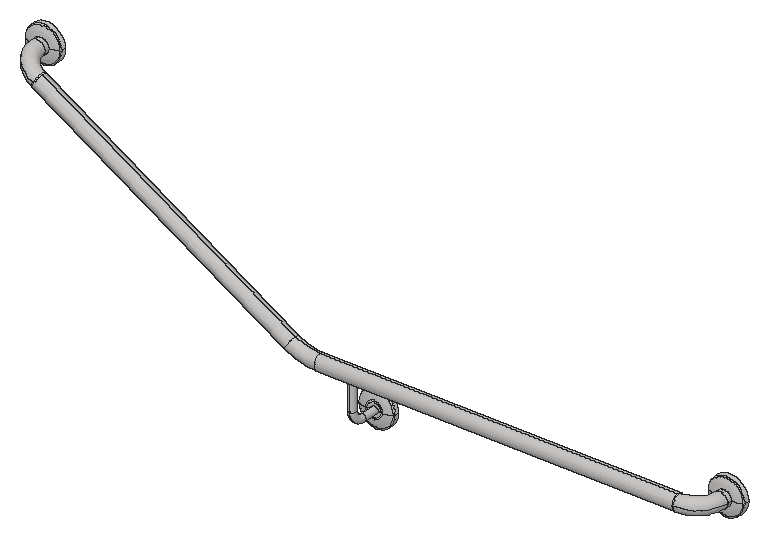
Revit family "Grab Rail_Metlam_30 Deg_Side Wall_Right", category Specialty Equipment, Revit 2016
Family settings
  Part Type = Normal
  Round Connector Dimension = Use Diameter
  OmniClass Number = 23.40.20.21.47
  OmniClass Title = Bath Grab Bars
  Work Plane-Based = No
  Always vertical = Yes
  Cut with Voids When Loaded = No
  Shared = No
  Room Calculation Point = Yes
Parameters (values of type "1478w x 90d x 382h (MLR102_X)")
  Width = 1478 mm  # constant formula
  URL = "http://www.metlam.com.au/"
  Type Comments = "Grab Rails"  # constant formula
  Model = "MLR102_X"
  Material_ANZRS = z_Metlam_Metal_Stainless Steel_Satin
  Height = 382 mm  # constant formula
  Manufacturer_URL__Product Specific = "https://metlam.com.au/product/content/grab-rails/MLR102_X"
  Manufacturer_Spec Code = Model  # "MLR102_X"
  Manufacturer_Height From FFL [instance] = 800 mm
  Manufacturer = "Metlam"  # constant formula
  Keynote = ""
  Description = "30° Flush Mount Side Wall Rail RH"  # constant formula
  Depth = 90 mm  # constant formula
  CreatedBy_ANZRS = "IGS BIM Solutions"  # constant formula
  CreatedByURL_ANZRS = "http://www.igsgroup.com.au/"
  Assembly Code = ""
Reference planes
  plane 1 "Back": y = 0
  plane 2 "Ref. Level": z = 0
  plane 3 "Right": x = 0
  plane 4 "Right Wall Mount_Centre (Elevation)": z = 784
  plane 5 "Front": y = -90
  plane 6 "Middle Wall Mount_Centre (Elevation)": z = 691
  plane 7 "Left Wall Mount_Centre (Elevation)": z = 1134
  plane 8 "Mounting Height": z = 800
  plane 9 "Middle Wall Mount_Centre (Left/Right)": x = -779
  plane 10 "Right Wall Mount_Centre (Left/Right)": x = -39
  plane 11 "Left": x = -1524
  plane 12 "Left Wall Mount_Centre (Left/Right)": x = -1484.999
  plane 13 "Top": z = 1173
  plane 14 "Angled Rail_Top": z = 1150
  plane 15 "Horizontal Rail_Bottom": z = 768
  plane 16 "Horizontal Rail_Right": x = -23
  plane 17 "Angled Rail_Left": x = -1501
  plane 18 "Bottom": z = 653
Forms (mm)
  Revolve 1, solid, material "z_Metlam_Metal_Stainless Steel_Satin" <- "Material_ANZRS"
    sketch origin (0, 0, 1134) x (-1, 0, 0) y (0, -1, 0)
      loop
        arc (1448.743, 10.627) -> (1447.851, 9.87) -> (1447.401, 8.79) r 2.5
        line (1447.401, 8.79) -> (1446, 0) -> (1485, 0) -> (1485, 16.062) -> (1469, 16.062)
        arc (1469, 16.062) -> (1458.591, 14.389) -> (1448.743, 10.627) r 51.397
      axis (1485, 16.062) -> (1485, 0)
    angle from 0 to 360
  Revolve 2, solid, material "z_Metlam_Metal_Stainless Steel_Satin" <- "Material_ANZRS"
    sketch origin (0, 0, 784) x (-1, 0, 0) y (0, -1, 0)
      loop
        arc (75.257, 10.595) -> (65.409, 14.357) -> (55, 16.031) r 51.397
        line (55, 16.031) -> (39, 16.031) -> (39, 0) -> (78, 0) -> (76.599, 8.759)
        arc (76.599, 8.759) -> (76.149, 9.838) -> (75.257, 10.595) r 2.5
      axis (39, 16.031) -> (39, 0)
    angle from 0 to 360
  Revolve 3, solid, material "z_Metlam_Metal_Stainless Steel_Satin" <- "Material_ANZRS"
    sketch origin (0, 0, 691) x (-1, 0, 0) y (0, -1, 0)
      loop
        line (741, 0) -> (779, 0) -> (779, 16.031) -> (764.135, 16.031)
        arc (764.135, 16.031) -> (762.574, 15.995) -> (761.017, 15.888) r 34
        arc (761.017, 15.888) -> (751.634, 14.116) -> (742.754, 10.607) r 50.422
        arc (742.754, 10.607) -> (741.787, 9.734) -> (741.391, 8.494) r 2.5
        line (741.391, 8.494) -> (741, 0)
      axis (779, 0) -> (779, 16.031)
    angle from 0 to 360
  Sweep 4, solid, material "z_Metlam_Metal_Stainless Steel_Satin" <- "Material_ANZRS"
    path origin (-779, 0, -711) x (0, 1, 0) y (0, 0, -1)
      loop
        line (-16.031, -1402) -> (-49, -1402)
        arc (-49, -1402) -> (-66.678, -1409.322) -> (-74, -1427) r 25
        line (-74, -1427) -> (-74, -1495)
    profile origin (-779, -32.515, 691) x (0, 0, 1) y (-1, 0, 0)
      loop
        circle (0, 0) r 7.5
  Sweep 5, solid, material "z_Metlam_Metal_Stainless Steel_Satin" <- "Material_ANZRS"
    path origin (70.164, -90, 773) x (-1, 0, 0) y (0, 0, 1)
      loop
        line (1511.863, 335.998) -> (976.796, 27.077)
        arc (976.796, 27.077) -> (947.854, 15.089) -> (916.796, 11) r 120
        line (916.796, 11) -> (159.164, 11)
    profile origin (-89, -90, 784) x (0, 0, -1) y (0, 1, 0)
      loop
        circle (0, 16) r 16
  Sweep 6, solid, material "z_Metlam_Metal_Stainless Steel_Satin" <- "Material_ANZRS"
    path origin (0, 0, 784) x (-1, 0, 0) y (0, -1, 0)
      loop
        line (89, 74) -> (87, 74)
        arc (87, 74) -> (53.059, 59.941) -> (39, 26) r 48
        line (39, 26) -> (39, 16.031)
    profile origin (-88, -74, 784) x (0, 1, 0) y (0, 0, 1)
      loop
        circle (0, 0) r 16
  Sweep 7, solid, material "z_Metlam_Metal_Stainless Steel_Satin" <- "Material_ANZRS"
    path origin (-1552.554, -90, 1173) x (0.866025, 0, -0.5) y (0, 1, 0)
      loop
        line (128.004, 16) -> (126.004, 16)
        arc (126.004, 16) -> (92.063, 30.059) -> (78.004, 64) r 48
        line (78.004, 64) -> (78.004, 73.969)
    profile origin (-1442.565, -74, 1109.498) x (0, -1, 0) y (0.5, 0, 0.866025)
      loop
        circle (0, 0) r 16
Cuts and joins
  joined: Sweep 4, Sweep 5, Sweep 6, Sweep 7
Lines and regions (mm)
  Masking region 1
    outline origin (-745, 0, 784) x (-1, 0, 0) y (0, -1, 0)
      loop
        line (-656, 58) -> (26.497, 58) -> (26.497, 16.031) -> (17.997, 16.031)
        arc (17.997, 16.031) -> (7.567, 14.377) -> (-2.289, 10.586) r 50.422
        arc (-2.289, 10.586) -> (-3.213, 9.766) -> (-3.62, 8.6) r 2.455
        line (-3.62, 8.6) -> (-4, 0) -> (72, 0) -> (71.614, 8.596)
        arc (71.614, 8.596) -> (71.208, 9.764) -> (70.283, 10.586) r 2.455
        arc (70.283, 10.586) -> (60.427, 14.377) -> (49.997, 16.031) r 50.422
        line (49.997, 16.031) -> (41.497, 16.031) -> (41.497, 58) -> (690.023, 58)
        arc (690.023, 58) -> (714.049, 48.049) -> (724, 24.024) r 33.977
        line (724, 24.024) -> (724, 16.031)
        arc (724, 16.031) -> (713.577, 14.378) -> (703.727, 10.593) r 50.422
        arc (703.727, 10.593) -> (702.847, 9.842) -> (702.404, 8.774) r 2.482
        line (702.404, 8.774) -> (701, 0) -> (779, 0) -> (777.594, 8.788)
        arc (777.594, 8.788) -> (777.169, 9.825) -> (776.327, 10.565) r 2.455
        arc (776.327, 10.565) -> (766.452, 14.37) -> (756.001, 16.03) r 50.421
        line (756.001, 16.03) -> (756.001, 27)
        arc (756.001, 27) -> (737.548, 71.548) -> (693, 90) r 63.001
        line (693, 90) -> (-659.453, 90)
        arc (-659.453, 90) -> (-703.681, 71.681) -> (-722, 27.454) r 62.547
        line (-722, 27.454) -> (-722, 16.031)
        arc (-722, 16.031) -> (-732.43, 14.377) -> (-742.286, 10.586) r 50.422
        arc (-742.286, 10.586) -> (-743.155, 9.844) -> (-743.594, 8.788) r 2.455
        line (-743.594, 8.788) -> (-745, 0) -> (-667, 0) -> (-668.404, 8.774)
        arc (-668.404, 8.774) -> (-668.847, 9.842) -> (-669.727, 10.593) r 2.482
        arc (-669.727, 10.593) -> (-679.577, 14.378) -> (-690, 16.031) r 50.422
        line (-690, 16.031) -> (-690, 24)
        arc (-690, 24) -> (-680.042, 48.042) -> (-656, 58) r 34
  symbolic lines, style "Grab Rails", detail levels medium+fine
    curve 1: line (-1469, -16.031, 784) -> (-1501.001, -16.031, 784)
    curve 2: line (-23.057, -16.062, 784) -> (-55, -16.062, 784)
    curve 3: line (-786.5, -16.031, 0) -> (-771.5, -16.031, 0)
    curve 4: line (-786.5, -58, 0) -> (-771.5, -58, 0)
  symbolic lines, style "Grab Rails"
    curve 5: arc (-1501.001, -90, 1134) -> (-1500.976, -90, 1134.882) -> (-1500.903, -90, 1135.762) r 16.001
    curve 7: arc (-1477, -90, 1147.854) -> (-1498.857, -90, 1141.998) -> (-1493.001, -90, 1120.142) r 16
    curve 8: arc (-39, -90, 800) -> (-23, -90, 784) -> (-39, -90, 768) r 16
    curve 9: arc (-786.5, -90, 691) -> (-779, -90, 683.5) -> (-771.5, -90, 691) r 7.5
    curve 10: line (-1477, 0, 1147.854) -> (-898.865, 0, 814.067)
    curve 11: line (-846.365, 0, 800) -> (-779, 0, 800)
    curve 12: line (-879, -66, 784) -> (-879, -82, 784)
  reference lines, not visible
    curve 6: line (-1552.554, -90, 1173) -> (-878.786, -90, 784)
Text (mm)
  text "> Contact Manufacturer to confirm feasibility of design variations outside the scope of this Revit Family\n\n\n\nDisclaimer:\n\nDue to ongoing product development and manufacturing evolution, product details are subject to change without notice. Please refer to product technical data sheets on the manufacturer’s website for the most current product information. Please allow a +/- 5mm manufacturing tolerance for dimensions and set-outs shown in product literature." at (204.167, 356.386, 0), in view "Ref. Level_Instruction"
Dimensions and locks
  "Depth": plane 5 "Front" to plane 1 "Back"
  "Manufacturer_Height From FFL": plane 8 "Mounting Height" to level
  "Height": plane 14 "Angled Rail_Top" to plane 15 "Horizontal Rail_Bottom"
  locked: plane 6 "Middle Wall Mount_Centre (Elevation)" to plane 18 "Bottom" at 38
  locked: plane 13 "Top" to plane 14 "Angled Rail_Top" at 23
  locked: plane 15 "Horizontal Rail_Bottom" to plane 6 "Middle Wall Mount_Centre (Elevation)" at 77
  locked: plane 8 "Mounting Height" to plane 4 "Right Wall Mount_Centre (Elevation)" at 16
  locked: plane 4 "Right Wall Mount_Centre (Elevation)" to plane 15 "Horizontal Rail_Bottom" at 16
  "Width": plane 17 "Angled Rail_Left" to plane 16 "Horizontal Rail_Right"
  locked: plane 16 "Horizontal Rail_Right" to plane 3 "Right" at 23
  locked: plane 11 "Left" to plane 17 "Angled Rail_Left" at 23
  locked: plane 17 "Angled Rail_Left" to plane 12 "Left Wall Mount_Centre (Left/Right)" at 16.001
  locked: plane 10 "Right Wall Mount_Centre (Left/Right)" to plane 16 "Horizontal Rail_Right" at 16
  locked: plane 14 "Angled Rail_Top" to plane 7 "Left Wall Mount_Centre (Elevation)" at 16
  curve 12 to plane 10 "Right Wall Mount_Centre (Left/Right)" = 840 mm
  radius of Sweep 5 sketch curve = 120 mm
  aligned and locked: level to plane 2 "Ref. Level"
  aligned and locked: Sweep 5 sketch curve to plane 4 "Right Wall Mount_Centre (Elevation)"
  aligned and locked: plane 4 "Right Wall Mount_Centre (Elevation)" to Sweep 5 sketch curve  (x2)
  aligned and locked: plane 4 "Right Wall Mount_Centre (Elevation)" to Sweep 6 sketch curve
  aligned and locked: plane 4 "Right Wall Mount_Centre (Elevation)" to curve 6
  aligned and locked: plane 13 "Top" to curve 6
Automatic sketch dimensions
  curve 4 to plane 9 "Middle Wall Mount_Centre (Left/Right)" = 7.5 mm
  plane 5 "Front" to curve 4 = 32 mm
  curve 3 to plane 9 "Middle Wall Mount_Centre (Left/Right)" = 7.5 mm
  plane 9 "Middle Wall Mount_Centre (Left/Right)" to curve 4 = 7.5 mm
  plane 9 "Middle Wall Mount_Centre (Left/Right)" to curve 3 = 7.5 mm
  plane 1 "Back" to curve 3 = 16.031 mm
  plane 1 "Back" to Masking region 1 sketch curve = 0 mm  (x3)
  Masking region 1 sketch curve to plane 3 "Right" = 0 mm
  Masking region 1 sketch curve to plane 16 "Horizontal Rail_Right" = 0 mm
  Masking region 1 sketch curve to plane 11 "Left" = 0 mm
  Masking region 1 sketch curve to plane 3 "Right" = 1.406 mm
  Masking region 1 sketch curve to Masking region 1 sketch curve = 2.424 mm
  Masking region 1 sketch curve to plane 16 "Horizontal Rail_Right" = 2.64 mm
  Masking region 1 sketch curve to plane 10 "Right Wall Mount_Centre (Left/Right)" = 13.36 mm
  Masking region 1 sketch curve to plane 10 "Right Wall Mount_Centre (Left/Right)" = 16 mm
  Masking region 1 sketch curve to Masking region 1 sketch curve = 2.451 mm  (x2)
  Masking region 1 sketch curve to Masking region 1 sketch curve = 1.404 mm  (x2)
  plane 9 "Middle Wall Mount_Centre (Left/Right)" to Masking region 1 sketch curve = 38 mm
  plane 1 "Back" to Masking region 1 sketch curve = 8.6 mm
  Masking region 1 sketch curve to Masking region 1 sketch curve = 0.38 mm
  Masking region 1 sketch curve to Masking region 1 sketch curve = 2.447 mm  (x2)
  plane 9 "Middle Wall Mount_Centre (Left/Right)" to Masking region 1 sketch curve = 16.003 mm
  plane 9 "Middle Wall Mount_Centre (Left/Right)" to Masking region 1 sketch curve = 13.363 mm
  plane 9 "Middle Wall Mount_Centre (Left/Right)" to Masking region 1 sketch curve = 7.503 mm
  Masking region 1 sketch curve to plane 9 "Middle Wall Mount_Centre (Left/Right)" = 7.497 mm
  Masking region 1 sketch curve to plane 9 "Middle Wall Mount_Centre (Left/Right)" = 13.356 mm
  Masking region 1 sketch curve to Masking region 1 sketch curve = 8.5 mm
  plane 1 "Back" to Masking region 1 sketch curve = 8.4 mm  (x3)
  Masking region 1 sketch curve to Masking region 1 sketch curve = 19.17 mm
  plane 1 "Back" to Masking region 1 sketch curve = 8.596 mm
  Masking region 1 sketch curve to Masking region 1 sketch curve = 0.386 mm
  Masking region 1 sketch curve to plane 12 "Left Wall Mount_Centre (Left/Right)" = 49.976 mm
  Masking region 1 sketch curve to plane 5 "Front" = 0 mm
  Masking region 1 sketch curve to Masking region 1 sketch curve = 2.977 mm
  Masking region 1 sketch curve to Masking region 1 sketch curve = 10.977 mm
  plane 1 "Back" to Masking region 1 sketch curve = 8.774 mm
  Masking region 1 sketch curve to plane 12 "Left Wall Mount_Centre (Left/Right)" = 15.999 mm
  Masking region 1 sketch curve to plane 12 "Left Wall Mount_Centre (Left/Right)" = 13.359 mm
  Masking region 1 sketch curve to plane 17 "Angled Rail_Left" = 2.64 mm
  plane 17 "Angled Rail_Left" to Masking region 1 sketch curve = 0.001 mm
  Masking region 1 sketch curve to plane 11 "Left" = 3.83 mm
  Masking region 1 sketch curve to plane 11 "Left" = 1.406 mm
  Masking region 1 sketch curve to plane 1 "Back" = 34.322 mm  (x3)
  Masking region 1 sketch curve to Masking region 1 sketch curve = 0 mm  (x4)
  plane 1 "Back" to Masking region 1 sketch curve = 8.382 mm
  Masking region 1 sketch curve to Masking region 1 sketch curve = 0.392 mm  (x2)
  Masking region 1 sketch curve to Masking region 1 sketch curve = 0.2 mm
  Masking region 1 sketch curve to Masking region 1 sketch curve = 0.388 mm  (x2)
  plane 1 "Back" to Masking region 1 sketch curve = 16.031 mm  (x3)
  Masking region 1 sketch curve to Masking region 1 sketch curve = 11.423 mm
  Masking region 1 sketch curve to Masking region 1 sketch curve = 10.97 mm
  Masking region 1 sketch curve to Masking region 1 sketch curve = 3.453 mm  (x2)
  Masking region 1 sketch curve to Masking region 1 sketch curve = 7.993 mm
  plane 1 "Back" to Revolve 1 sketch curve = 0 mm
  Revolve 1 sketch curve to plane 12 "Left Wall Mount_Centre (Left/Right)" = 38.999 mm
  plane 1 "Back" to Revolve 1 sketch curve = 8.79 mm
  Revolve 1 sketch curve to Revolve 1 sketch curve = 1.401 mm
  Revolve 1 sketch curve to Revolve 1 sketch curve = 2.469 mm
  Revolve 1 sketch curve to plane 12 "Left Wall Mount_Centre (Left/Right)" = 15.999 mm
  Revolve 1 sketch curve to plane 12 "Left Wall Mount_Centre (Left/Right)" = 13.088 mm
  plane 12 "Left Wall Mount_Centre (Left/Right)" to Revolve 1 sketch curve = 0.001 mm  (x2)
  Revolve 1 sketch curve to plane 1 "Back" = 35.252 mm
  Revolve 1 sketch curve to Revolve 1 sketch curve = 0.395 mm
  plane 1 "Back" to Revolve 1 sketch curve = 16.062 mm
  Revolve 1 sketch curve to Revolve 1 sketch curve = 4.717 mm
  Revolve 1 sketch curve to Revolve 1 sketch curve = 6.031 mm
  Revolve 2 sketch curve to plane 10 "Right Wall Mount_Centre (Left/Right)" = 0 mm  (x2)
  plane 1 "Back" to Revolve 2 sketch curve = 0 mm
  Revolve 2 sketch curve to plane 10 "Right Wall Mount_Centre (Left/Right)" = 13.089 mm
  Revolve 2 sketch curve to Revolve 2 sketch curve = 16 mm
  Revolve 2 sketch curve to Revolve 2 sketch curve = 2.469 mm
  Revolve 2 sketch curve to Revolve 2 sketch curve = 1.401 mm
  Revolve 2 sketch curve to plane 1 "Back" = 35.283 mm
  plane 1 "Back" to Revolve 2 sketch curve = 8.364 mm
  Revolve 2 sketch curve to Revolve 2 sketch curve = 0.395 mm
  plane 1 "Back" to Revolve 2 sketch curve = 16.031 mm
  Revolve 2 sketch curve to Revolve 2 sketch curve = 4.717 mm
  Revolve 2 sketch curve to Revolve 2 sketch curve = 6.031 mm
  plane 1 "Back" to Revolve 3 sketch curve = 0 mm  (x2)
  Revolve 3 sketch curve to plane 9 "Middle Wall Mount_Centre (Left/Right)" = 0 mm  (x2)
  plane 9 "Middle Wall Mount_Centre (Left/Right)" to Revolve 3 sketch curve = 13.36 mm
  plane 9 "Middle Wall Mount_Centre (Left/Right)" to Revolve 3 sketch curve = 14.865 mm
  plane 1 "Back" to Revolve 3 sketch curve = 8.379 mm
  Revolve 3 sketch curve to Revolve 3 sketch curve = 20.246 mm
  plane 1 "Back" to Revolve 3 sketch curve = 8.494 mm
  Revolve 3 sketch curve to Revolve 3 sketch curve = 2.497 mm
  Revolve 3 sketch curve to Revolve 3 sketch curve = 0.391 mm
  Revolve 3 sketch curve to plane 1 "Back" = 17.969 mm
  Revolve 3 sketch curve to Revolve 3 sketch curve = 16.353 mm
  plane 1 "Back" to Revolve 3 sketch curve = 16.031 mm
  Revolve 3 sketch curve to Revolve 3 sketch curve = 0 mm
  Revolve 3 sketch curve to Revolve 3 sketch curve = 11.61 mm
  Sweep 4 sketch curve to plane 4 "Right Wall Mount_Centre (Elevation)" = 0 mm
  Sweep 4 sketch curve to plane 6 "Middle Wall Mount_Centre (Elevation)" = 0 mm
  plane 5 "Front" to Sweep 4 sketch curve = 16 mm
  Sweep 4 sketch curve to Sweep 4 sketch curve = 25 mm
  plane 1 "Back" to Sweep 4 sketch curve = 16.031 mm
  Sweep 4 sketch curve to profile plane = 0 mm
  profile plane to Sweep 4 sketch curve = 0 mm
  profile plane to Sweep 5 sketch curve = 16 mm
  Sweep 6 sketch curve to plane 10 "Right Wall Mount_Centre (Left/Right)" = 0 mm
  plane 1 "Back" to Sweep 6 sketch curve = 26 mm
  Sweep 6 sketch curve to Sweep 6 sketch curve = 9.969 mm
  Sweep 6 sketch curve to profile plane = 0 mm
  plane 8 "Mounting Height" to Sweep 5 sketch curve = 0.077 mm
  Sweep 5 sketch curve to plane 9 "Middle Wall Mount_Centre (Left/Right)" = 67.633 mm
  Sweep 5 sketch curve to plane 12 "Left Wall Mount_Centre (Left/Right)" = 43.3 mm
  Sweep 5 sketch curve to plane 7 "Left Wall Mount_Centre (Elevation)" = 25.002 mm
  curve 5 to plane 7 "Left Wall Mount_Centre (Elevation)" = 0 mm
  plane 12 "Left Wall Mount_Centre (Left/Right)" to curve 5 = 0.001 mm
  curve 5 to plane 17 "Angled Rail_Left" = 0.097 mm
  plane 17 "Angled Rail_Left" to curve 5 = 0.001 mm
  curve 6 to plane 9 "Middle Wall Mount_Centre (Left/Right)" = 99.786 mm
  plane 11 "Left" to curve 6 = 28.554 mm
  Sweep 7 sketch curve to profile plane = 0 mm  (x2)
  curve 6 to Sweep 7 sketch curve = 78.004 mm
  Sweep 7 sketch curve to Sweep 7 sketch curve = 48 mm
  Sweep 7 sketch curve to curve 6 = 16 mm
  Sweep 7 sketch curve to Sweep 7 sketch curve = 2 mm
  Sweep 7 sketch curve to Sweep 7 sketch curve = 9.969 mm
  Masking region 1 sketch curve to Masking region 1 sketch curve = 19.145 mm
  Masking region 1 sketch curve to Masking region 1 sketch curve = 10.273 mm
  Revolve 2 sketch curve to Revolve 2 sketch curve = 19.13 mm
  Sweep 5 sketch curve to plane 10 "Right Wall Mount_Centre (Left/Right)" = 50 mm
  Sweep 6 sketch curve to Sweep 6 sketch curve = 48 mm
  Sweep 6 sketch curve to Sweep 6 sketch curve = 2 mm
  curve 8 to plane 10 "Right Wall Mount_Centre (Left/Right)" = 0 mm
  curve 9 to plane 6 "Middle Wall Mount_Centre (Elevation)" = 0 mm
  curve 9 to plane 9 "Middle Wall Mount_Centre (Left/Right)" = 0 mm
  curve 8 to plane 15 "Horizontal Rail_Bottom" = 0 mm
  curve 8 to plane 4 "Right Wall Mount_Centre (Elevation)" = 0 mm
  plane 12 "Left Wall Mount_Centre (Left/Right)" to curve 7 = 0.001 mm
  curve 7 to plane 7 "Left Wall Mount_Centre (Elevation)" = 0.002 mm
  plane 9 "Middle Wall Mount_Centre (Left/Right)" to curve 9 = 7.5 mm
  curve 7 to plane 14 "Angled Rail_Top" = 2.146 mm
  curve 7 to plane 12 "Left Wall Mount_Centre (Left/Right)" = 7.999 mm
  curve 7 to plane 17 "Angled Rail_Left" = 7.999 mm
  curve 11 to plane 9 "Middle Wall Mount_Centre (Left/Right)" = 0 mm
  plane 8 "Mounting Height" to curve 10 = 14.067 mm
  curve 10 to plane 14 "Angled Rail_Top" = 2.146 mm
  curve 10 to plane 12 "Left Wall Mount_Centre (Left/Right)" = 7.999 mm
  curve 11 to plane 8 "Mounting Height" = 0 mm
  curve 10 to plane 9 "Middle Wall Mount_Centre (Left/Right)" = 119.865 mm
  curve 10 to curve 11 = 52.5 mm
  plane 5 "Front" to curve 12 = 8 mm
  curve 2 to plane 10 "Right Wall Mount_Centre (Left/Right)" = 16 mm
  curve 2 to plane 16 "Horizontal Rail_Right" = 0.057 mm
  curve 1 to plane 12 "Left Wall Mount_Centre (Left/Right)" = 15.999 mm
  plane 17 "Angled Rail_Left" to curve 1 = 0.001 mm
  plane 5 "Front" to curve 12 = 24 mm
  plane 1 "Back" to curve 2 = 16.062 mm
  plane 1 "Back" to curve 1 = 16.031 mm
  radius of Sweep 4 sketch curve = 7.5 mm
  radius of Sweep 5 sketch curve = 16 mm
  radius of Sweep 6 sketch curve = 16 mm
  radius of Sweep 7 sketch curve = 16 mm
